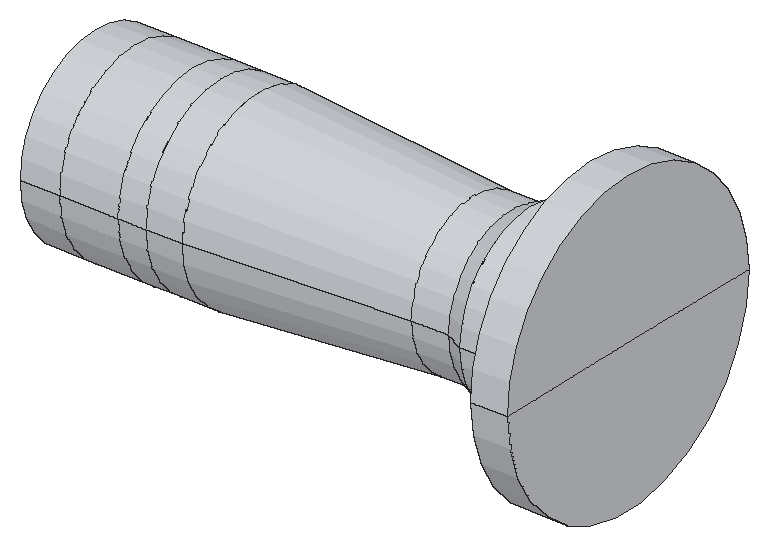
Revit family "6b08787e77c24e4a9eb7976be049e9d4", category Pipe Fittings, Revit 2021
Family settings
  Round Connector Dimension = Use Radius
  Part Type = Transition
  OmniClass Number = 23.60.30.11.14
  OmniClass Title = Pipework Fittings
  Work Plane-Based = No
  Always vertical = Yes
  Cut with Voids When Loaded = No
  Shared = No
Parameters (values of type "Standard")
  Visibility 2 [instance] = Nominal Diameter 2 > Nominal Diameter 1  # no
  Visibility 1 [instance] = Nominal Diameter 1 > Nominal Diameter 2  # yes
  URL = ""
  Type Comments = ""
  Tick Size 2 [instance] = if(Nominal Diameter 1 > Nominal Diameter 2, Min Tick Size 12, Max Tick Size 12)  # 1.5840"
  Tick Size 1 [instance] = if(Nominal Diameter 1 > Nominal Diameter 2, Max Tick Size 12, Min Tick Size 12)  # 1.9200"
  Min Tick Size 12 [instance] = Min Fitting Outside Diameter 12 * 0.4  # 1.5840"
  Max Tick Size 12 [instance] = Max Fitting Outside Diameter 12 * 0.4  # 1.9200"
  Socket Outside Radius 2 [instance] = Socket Outside Diameter 2 / 2  # 2.2400"
  Socket Outside Radius 1 [instance] = Socket Outside Diameter 1 / 2  # 2.4000"
  Socket Outside Diameter 2 [instance] = if(Nominal Diameter 1 > Nominal Diameter 2, Min Socket Outside Diameter 12, Fitting Outside Diameter 2)  # 4.4800"
  Socket Outside Diameter 1 [instance] = if(Nominal Diameter 1 > Nominal Diameter 2, Fitting Outside Diameter 1, Min Socket Outside Diameter 12)  # 4.8000"
  Socket Depth 2 [instance] = if(Nominal Diameter 2 < 14.0000", 2.5000", if(Nominal Diameter 2 < 30.0000", 3.5000", 4.0000"))  # 2.5000"
  Socket Depth 1 [instance] = if(Nominal Diameter 1 < 14.0000", 2.5000", if(Nominal Diameter 1 < 30.0000", 3.5000", 4.0000"))  # 2.5000"
  Min Socket Outside Diameter 12 [instance] = size_lookup(Lookup Table Name, "SOD", 1.1 * Min Nominal Diameter 12 + 0.8700", Min Nominal Diameter 12)  # 4.4800"
  Max Socket Outside Diameter 12 [instance] = size_lookup(Lookup Table Name, "SOD", 1.04 * Max Nominal Diameter 12 + 0.1300", Max Nominal Diameter 12)  # 5.4500"
  Nominal Radius 2 [instance] = 1.5000"
  Nominal Radius 1 [instance] = 2.0000"
  Nominal Diameter 2 [instance] = Nominal Radius 2 * 2  # 3.0000"
  Nominal Diameter 1 [instance] = Nominal Radius 1 * 2  # 4.0000"
  Min Nominal Diameter 12 [instance] = if(Nominal Diameter 1 > Nominal Diameter 2, Nominal Diameter 2, Nominal Diameter 1)  # 3.0000"
  Max Nominal Diameter 12 [instance] = if(Nominal Diameter 1 > Nominal Diameter 2, Nominal Diameter 1, Nominal Diameter 2)  # 4.0000"
  Manufacturer = ""
  Loss Method = K Coefficient from Table
  Lookup Table Name = "Reducer - PE x MJ - GI - Class 250"
  Length [instance] = size_lookup(Lookup Table Name, "Lgt", 2 * Max Nominal Diameter 12 + Socket Depth 1 - Socket Depth 2, Max Nominal Diameter 12, Min Nominal Diameter 12)  # 13.6200"
  K Coefficient Table = "Reducer/Coupling/Union/Increaser"
  Fitting Outside Radius 2 [instance] = Fitting Outside Diameter 2 / 2  # 1.9800"
  Fitting Outside Radius 1 [instance] = Fitting Outside Diameter 1 / 2  # 2.4000"
  Min Fitting Outside Diameter 12 [instance] = size_lookup(Lookup Table Name, "FOD", 1.04 * Min Nominal Diameter 12 + 0.7000", Min Nominal Diameter 12)  # 3.9600"
  Max Fitting Outside Diameter 12 [instance] = size_lookup(Lookup Table Name, "FOD", 1.04 * Max Nominal Diameter 12 + 0.7000", Max Nominal Diameter 12)  # 4.8000"
  built-in parameter 1114238 [instance] = (empty or 0)
  Fitting Outside Diameter 2 [instance] = if(Nominal Diameter 1 > Nominal Diameter 2, Min Fitting Outside Diameter 12, Max Fitting Outside Diameter 12)  # 3.9600"
  Fitting Outside Diameter 1 [instance] = if(Nominal Diameter 1 > Nominal Diameter 2, Max Fitting Outside Diameter 12, Min Fitting Outside Diameter 12)  # 4.8000"
  Description = ""
  Default Elevation = 0.0000"
  Bevel Length 2 [instance] = size_lookup(Lookup Table Name, "BvLgt", 0.04 * Nominal Diameter 2 + 0.4300", Nominal Diameter 2)  # 0.5200"
  Bevel Length 1 [instance] = size_lookup(Lookup Table Name, "BvLgt", 0.04 * Nominal Diameter 1 + 0.4300", Nominal Diameter 1)  # 0.6500"
  Gland Width 2 [instance] = size_lookup(Lookup Table Name, "GWid", 0.03 * Nominal Diameter 2 + 0.9400", Nominal Diameter 2)  # 0.9400"
  Gland Width 1 [instance] = size_lookup(Lookup Table Name, "GWid", 0.03 * Nominal Diameter 1 + 0.9400", Nominal Diameter 1)  # 1.0000"
  Gland Outside Radius 1 [instance] = Gland Outside Diameter 1 / 2  # 2.4000"
  Gland Outside Radius 2 [instance] = Gland Outside Diameter 2 / 2  # 3.8450"
  Max Gland Outside Diameter 12 [instance] = size_lookup(Lookup Table Name, "GOD", 1.16 * Max Nominal Diameter 12 + 4.0300", Max Nominal Diameter 12)  # 9.1200"
  Min Gland Outside Diameter 12 [instance] = size_lookup(Lookup Table Name, "GOD", 1.16 * Min Nominal Diameter 12 + 4.0300", Min Nominal Diameter 12)  # 7.6900"
  Gland Outside Diameter 2 [instance] = if(Nominal Diameter 1 > Nominal Diameter 2, Min Gland Outside Diameter 12, Fitting Outside Diameter 2)  # 7.6900"
  Gland Outside Diameter 1 [instance] = if(Nominal Diameter 1 > Nominal Diameter 2, Fitting Outside Diameter 1, Min Gland Outside Diameter 12)  # 4.8000"
  Assembly Code = ""
Reference planes (in)
  plane 1 "Center (Front/Back)": y = 0
  plane 2: z = 0
  plane 3 "Center (Left/Right)": x = 0
  plane 4 "Right": x = 13.62
  plane 5 "TK1 Top": y = 1.92
  plane 6 "TK1 Bottom": y = -1.92
  plane 7 "TK2 Top": y = 1.584
  plane 8 "TK2 Bottom": y = -1.584
  plane 9: y = 2.4
  plane 10: y = 2.4
  plane 11: x = 2.5
  plane 12: x = 3.15
  plane 13: y = 2.4
  plane 14 "SD2R": x = 11.12
  plane 15: x = 1
  plane 16: x = 12.68
  plane 17: x = 10.6
  plane 18: y = 1.98
  plane 19: y = 2.24
  plane 20: y = 3.845
  plane 21: x = 4.15
  plane 22: x = 9.66
Forms (in)
  Extrusion 1, solid, not visible
    sketch origin (0, 0, 0) x (0, 1, 0) y (0, 0, 1)
      loop
        circle (0, 0) r 1
    from 0 to 13.62
  Revolve 2, solid, detail levels fine
    sketch origin (0, 0, 0) x (1, 0, 0) y (0, 1, 0)
      loop
        line (1, 2.4) -> (1, 0) -> (12.68, 0) -> (12.68, 2.24) -> (11.12, 2.24) -> (10.6, 1.98) -> (9.66, 1.98) -> (4.15, 2.4) -> (3.2, 2.4) -> (2.5, 2.4) -> (1, 2.4)
      axis (1, 0) -> (12.68, 0)
    angle from 0 to 360
  Revolve 3, solid, detail levels fine
    sketch origin (0, 0, 0) x (1, 0, 0) y (0, 1, 0)
      loop
        line (0, 0) -> (1, 0) -> (1, 2.4) -> (0, 2.4) -> (0, 0)
      loop
        line (13.62, 0) -> (13.62, 3.845) -> (12.68, 3.845) -> (12.68, 0) -> (13.62, 0)
      axis (0, 0) -> (13.62, 0)
    angle from 0 to 360
Cuts and joins
  joined: Revolve 2, Revolve 3
Lines and regions (in)
  model lines, detail levels coarse+medium
    curve 1: line (0, 0, 0) -> (0, 1.92, 0)
    curve 2: line (0, -1.92, 0) -> (0, 0, 0)
    curve 3: line (13.62, 0, 0) -> (13.62, 1.584, 0)
    curve 4: line (13.62, 0, 0) -> (13.62, -1.584, 0)
  model lines, style "PipeFitting", visible <- "Visibility 1", detail levels coarse+medium
    curve 5: line (0, 1.92, 0) -> (13.62, 0, 0)
    curve 6: line (0, -1.92, 0) -> (13.62, 0, 0)
  model lines, style "PipeFitting", visible <- "Visibility 2", detail levels coarse+medium
    curve 7: line (13.62, 1.584, 0) -> (0, 0, 0)
    curve 8: line (0, 0, 0) -> (13.62, -1.584, 0)
Dimensions and locks (in)
  "Tick Size 1": plane 5 "TK1 Top" to plane 1 "Center (Front/Back)"
  "Tick Size 1": plane 6 "TK1 Bottom" to plane 1 "Center (Front/Back)"
  "Tick Size 2": plane 7 "TK2 Top" to plane 1 "Center (Front/Back)"
  "Tick Size 2": plane 8 "TK2 Bottom" to plane 1 "Center (Front/Back)"
  "Gland Outside Radius 1": plane 9 to plane 1 "Center (Front/Back)"
  "Socket Outside Radius 1": plane 1 "Center (Front/Back)" to plane 10
  "Fitting Outside Radius 1": plane 13 to plane 1 "Center (Front/Back)"
  "Length": plane 3 "Center (Left/Right)" to plane 4 "Right"
  "Socket Depth 2": plane 14 "SD2R" to plane 4 "Right"
  "Socket Depth 1": plane 3 "Center (Left/Right)" to plane 11
  "Gland Width 1": plane 3 "Center (Left/Right)" to plane 15
  "Gland Width 2": plane 16 to plane 4 "Right"
  "Bevel Length 1": plane 11 to plane 12
  "Bevel Length 2": plane 17 to plane 14 "SD2R"
  "Fitting Outside Radius 2": plane 18 to plane 1 "Center (Front/Back)"
  "Socket Outside Radius 2": plane 19 to plane 1 "Center (Front/Back)"
  "Gland Outside Radius 2": plane 20 to plane 1 "Center (Front/Back)"
  "Gland Width 1": plane 12 to plane 21
  "Gland Width 2": plane 22 to plane 17
  radius of Extrusion 1 sketch curve = 1.0000"
  aligned and locked: plane 2 to level
  aligned and locked: plane 2 to Extrusion 1 sketch curve
  aligned and locked: plane 1 "Center (Front/Back)" to Extrusion 1 sketch curve
  aligned and locked: Extrusion 1 to plane 3 "Center (Left/Right)"
  aligned and locked: plane 4 "Right" to Extrusion 1
  aligned and locked: plane 1 "Center (Front/Back)" to curve 2
  aligned and locked: plane 3 "Center (Left/Right)" to curve 1
  aligned and locked: plane 3 "Center (Left/Right)" to curve 2
  aligned and locked: plane 5 "TK1 Top" to curve 1
  aligned and locked: plane 6 "TK1 Bottom" to curve 2
  aligned and locked: curve 3 to plane 7 "TK2 Top"
  aligned and locked: curve 4 to plane 4 "Right"
  aligned and locked: plane 1 "Center (Front/Back)" to Revolve 2 sketch curve
  aligned and locked: Revolve 2 sketch curve to plane 10
  aligned and locked: plane 11 to Revolve 2 sketch curve
  aligned and locked: plane 14 "SD2R" to Revolve 2 sketch curve
  aligned and locked: plane 19 to Revolve 2 sketch curve
  aligned and locked: Revolve 2 sketch curve to Revolve 2 sketch curve
  aligned and locked: Revolve 2 sketch curve to plane 18
  aligned and locked: plane 22 to Revolve 2 sketch curve
  aligned and locked: Revolve 2 sketch curve to plane 13
  aligned and locked: plane 21 to Revolve 2 sketch curve
  aligned and locked: Revolve 3 sketch curve to plane 15
  aligned and locked: Revolve 3 sketch curve to plane 9
  aligned and locked: plane 20 to Revolve 3 sketch curve
  aligned and locked: plane 16 to Revolve 3 sketch curve
  aligned and locked: plane 4 "Right" to Revolve 3 sketch curve
  aligned and locked: Revolve 3 sketch curve to Revolve 3 sketch curve  (x2)
  aligned and locked: plane 3 "Center (Left/Right)" to Revolve 3 sketch curve
  aligned and locked: plane 15 to Revolve 2 sketch curve
  aligned and locked: plane 16 to Revolve 2 sketch curve
Automatic sketch dimensions
  plane 8 "TK2 Bottom" to curve 8 = 0.0000"
  plane 1 "Center (Front/Back)" to curve 4 = 0.0000"
  plane 1 "Center (Front/Back)" to Revolve 3 sketch curve = 0.0000"
  Revolve 3 sketch curve to plane 3 "Center (Left/Right)" = 9.7500"
  Revolve 3 sketch curve to Revolve 3 sketch curve = 7.2500"
  Revolve 2 sketch curve to plane 17 = 0.0000"
  Revolve 2 sketch curve to plane 3 "Center (Left/Right)" = 9.7500"
  Revolve 2 sketch curve to plane 12 = 0.0500"
  Revolve 2 sketch curve to Revolve 2 sketch curve = 8.3100"
Connectors (in)
  piping at (0, 0, 0), diameter 4, driven by "Nominal Radius 1"
    settings: on Extrusion 1, index 1, connector inside diameter 4.0000", connector length 0.0000", flow factor 0, pipe flow 0 GPM, pressure drop 0.00 psi, fitting loss kfactor 0, connector angle 0.00°, fixture units 0, engagement length 0.0000", angle of deflection 0.00°, flow configuration 0, flow direction 0, fitting loss method 0, system type 28, joint type 0, gender type 0, connector reference index 2, connector utility 0, adjustable connector no, is connector primary yes, connector description ""
  piping at (13.62, 0, 0), diameter 3, driven by "Nominal Radius 2"
    settings: on Extrusion 1, index 2, connector inside diameter 3.0000", connector length 0.0000", flow factor 0, pipe flow 0 GPM, pressure drop 0.00 psi, fitting loss kfactor 0, connector angle 0.00°, fixture units 0, engagement length 0.0000", angle of deflection 0.00°, flow configuration 0, flow direction 0, fitting loss method 0, system type 28, joint type 0, gender type 0, connector reference index 1, connector utility 0, adjustable connector no, is connector primary no, connector description ""
